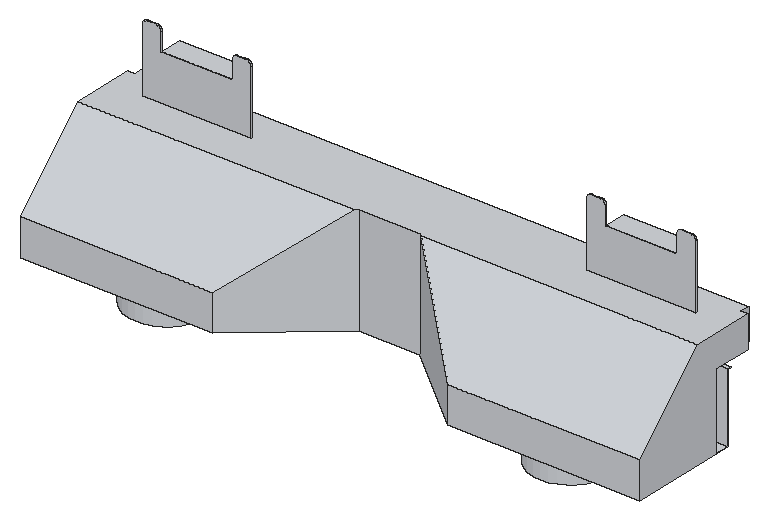
Revit family "HDKPD36 - DL36-TV Kit -Heat distribution", category Generic Models, Revit 2019
Family settings
  Can host rebar = No
  Round Connector Dimension = Use Diameter
  Part Type = Normal
  Work Plane-Based = No
  Always vertical = Yes
  Cut with Voids When Loaded = No
  Shared = No
  Room Calculation Point = No
Reference planes (in)
  plane 1 "Center (Front/Back)": y = 0
  plane 2: z = 0
  plane 3 "Center (Left/Right)": x = 0
Forms (in)
  Sweep 1, solid
    path origin (0, 0, 0) x (1, 0, 0) y (0, 1, 0)
      loop
        line (-19.90625, 0) -> (19.90625, 0)
    profile origin (0, 0, 0) x (0, 1, 0) y (0, 0, 1)
      loop
        line (3.17785, 6.96033) -> (-1.45521, 6.96033) -> (-6.07215, 2.3434) -> (-6.07215, 0) -> (0, 0) -> (0.99035, 0) -> (0.99035, 4.44559) -> (1.2091, 4.44559) -> (1.2091, 4.5) -> (0.93594, 4.5) -> (0.93594, 0.05469) -> (0, 0.05469) -> (0, 4.89783) -> (3.17785, 4.89783) -> (3.17785, 6.96033)
  Extrusion 2, void
    sketch origin (0, 0, 0) x (1, 0, 0) y (0, 1, 0)
      loop
        line (-1.95502, -1.33367) -> (-7.54245, -6.07215) -> (7.54245, -6.07215) -> (1.95502, -1.33367) -> (-1.95502, -1.33367)
    from -4.28383 to 12
  Extrusion 3, solid
    sketch origin (0, 0, 0) x (1, 0, 0) y (0, 1, 0)
      loop
        circle (-12.99103, -2.9493) r 2.5
      loop
        circle (12.99103, -2.9493) r 2.5
    from 0 to -1.5
  Extrusion 4, void
    sketch origin (0, 0, 0) x (1, 0, 0) y (0, 1, 0)
      loop
        line (19.44257, 3.17785) -> (19.44257, 2.57188) -> (19.90625, 2.57188) -> (19.90625, 3.17785) -> (19.44257, 3.17785)
      loop
        line (-19.44257, 3.17785) -> (-19.90625, 3.17785) -> (-19.90625, 2.57188) -> (-19.44257, 2.57188) -> (-19.44257, 3.17785)
    from 0 to 12
  Extrusion 5, solid
    sketch origin (-21.11655, 3.17785, 5.98567) x (1, 0, 0) y (0, 0, -1)
      loop
        line (3.34882, -0.97466) -> (3.34882, -5.08083)
        arc (3.34882, -5.08083) -> (3.43663, -5.29281) -> (3.64861, -5.38062) r 0.29979
        line (3.64861, -5.38062) -> (4.2482, -5.38062)
        arc (4.2482, -5.38062) -> (4.46018, -5.29281) -> (4.54799, -5.08083) r 0.29979
        line (4.54799, -5.08083) -> (4.54799, -3.89265) -> (9.14482, -3.89265) -> (9.14482, -5.08083)
        arc (9.14482, -5.08083) -> (9.23262, -5.29281) -> (9.44461, -5.38062) r 0.29979
        line (9.44461, -5.38062) -> (10.0442, -5.38062)
        arc (10.0442, -5.38062) -> (10.25618, -5.29281) -> (10.34399, -5.08083) r 0.29979
        line (10.34399, -5.08083) -> (10.34399, -0.97466) -> (3.34882, -0.97466)
      loop
        line (31.88911, -0.97466) -> (31.88911, -5.08083)
        arc (31.88911, -5.08083) -> (31.97691, -5.29281) -> (32.1889, -5.38062) r 0.29979
        line (32.1889, -5.38062) -> (32.78849, -5.38062)
        arc (32.78849, -5.38062) -> (33.00047, -5.29281) -> (33.08828, -5.08083) r 0.29979
        line (33.08828, -5.08083) -> (33.08828, -3.89265) -> (37.6851, -3.89265) -> (37.6851, -5.08083)
        arc (37.6851, -5.08083) -> (37.77291, -5.29281) -> (37.9849, -5.38062) r 0.29979
        line (37.9849, -5.38062) -> (38.58448, -5.38062)
        arc (38.58448, -5.38062) -> (38.79647, -5.29281) -> (38.88427, -5.08083) r 0.29979
        line (38.88427, -5.08083) -> (38.88427, -0.97466) -> (31.88911, -0.97466)
    from -2.125 to -2.0625
  Extrusion 6, solid
    sketch origin (-21.11655, 3.17785, 5.98567) x (1, 0, 0) y (0, 0, -1)
      loop
        line (4.54799, -3.89265) -> (9.14482, -3.89265) -> (9.14482, -3.83015) -> (4.54799, -3.83015) -> (4.54799, -3.89265)
      loop
        line (33.08828, -3.89265) -> (37.6851, -3.89265) -> (37.6851, -3.83015) -> (33.08828, -3.83015) -> (33.08828, -3.89265)
    from -0.625 to -2.0625
  Extrusion 7, solid
    sketch origin (-23.36283, 3.17785, 0.1822) x (1, 0, 0) y (0, 0, -1)
      loop
        line (5.23535, -4.71564) -> (12.23052, -4.71564) -> (12.23052, -2.0175)
        arc (12.23052, -2.0175) -> (12.14271, -1.80551) -> (11.93072, -1.71771) r 0.29979
        line (11.93072, -1.71771) -> (11.33114, -1.71771)
        arc (11.33114, -1.71771) -> (11.11915, -1.80551) -> (11.03134, -2.0175) r 0.29979
        line (11.03134, -2.0175) -> (11.03134, -3.29662) -> (6.43452, -3.29662) -> (6.43452, -2.0175)
        arc (6.43452, -2.0175) -> (6.34671, -1.80551) -> (6.13473, -1.71771) r 0.29979
        line (6.13473, -1.71771) -> (5.53514, -1.71771)
        arc (5.53514, -1.71771) -> (5.32315, -1.80551) -> (5.23535, -2.0175) r 0.29979
        line (5.23535, -2.0175) -> (5.23535, -4.71564)
      loop
        line (41.4903, -4.71564) -> (41.4903, -2.0175)
        arc (41.4903, -2.0175) -> (41.4025, -1.80551) -> (41.19051, -1.71771) r 0.29979
        line (41.19051, -1.71771) -> (40.59093, -1.71771)
        arc (40.59093, -1.71771) -> (40.37894, -1.80551) -> (40.29113, -2.0175) r 0.29979
        line (40.29113, -2.0175) -> (40.29113, -3.29662) -> (35.69431, -3.29662) -> (35.69431, -2.0175)
        arc (35.69431, -2.0175) -> (35.6065, -1.80551) -> (35.39452, -1.71771) r 0.29979
        line (35.39452, -1.71771) -> (34.79493, -1.71771)
        arc (34.79493, -1.71771) -> (34.58294, -1.80551) -> (34.49514, -2.0175) r 0.29979
        line (34.49514, -2.0175) -> (34.49514, -4.71564) -> (41.4903, -4.71564)
    from -0.5 to -0.5625
  Extrusion 8, solid
    sketch origin (-20.7568, 3.17785, -0.35134) x (1, 0, 0) y (0, 0, -1)
      loop
        line (4.54799, -3.89265) -> (9.14482, -3.89265) -> (9.14482, -3.83015) -> (4.54799, -3.83015) -> (4.54799, -3.89265)
      loop
        line (33.08828, -3.89265) -> (37.6851, -3.89265) -> (37.6851, -3.83015) -> (33.08828, -3.83015) -> (33.08828, -3.89265)
    from -0.625 to -2.0625
Cuts and joins
  Extrusion 2, Extrusion 4 cuts Sweep 1
Dimensions and locks (in)
  Sweep 1 sketch curve to Sweep 1 sketch curve = 0' - 9 1/4"
  aligned and locked: plane 2 to level
Connectors (in)
  hvac at (0, 3.17785, 5.92908)
    settings: on cut or joined group of Sweep 1, Extrusion 2, Extrusion 4, index 1, duct flow 0 CFM, flow factor 0, pres drop 0.00 in-wg, loss coef 0, conn angle 0.00°, conn width 38 7/8", conn height 2", conn diameter 24", duct sys type 3, conn prof type 1, flow config 0, flow direction 0, loss method 0, conn ref index -1, conn util no, is conn primary yes, conn desc ""
  hvac at (12.99103, -2.9493, -1.5)
    settings: on Extrusion 3, index 2, duct flow 0 CFM, flow factor 0, pres drop 0.00 in-wg, loss coef 0, conn angle 0.00°, conn width 12", conn height 12", conn diameter 5", duct sys type 1, conn prof type 0, flow config 0, flow direction 0, loss method 0, conn ref index -1, conn util no, is conn primary no, conn desc ""
  hvac at (-12.99103, -2.9493, -1.5)
    settings: on Extrusion 3, index 3, duct flow 0 CFM, flow factor 0, pres drop 0.00 in-wg, loss coef 0, conn angle 0.00°, conn width 12", conn height 12", conn diameter 5", duct sys type 1, conn prof type 0, flow config 0, flow direction 0, loss method 0, conn ref index -1, conn util no, is conn primary no, conn desc ""
